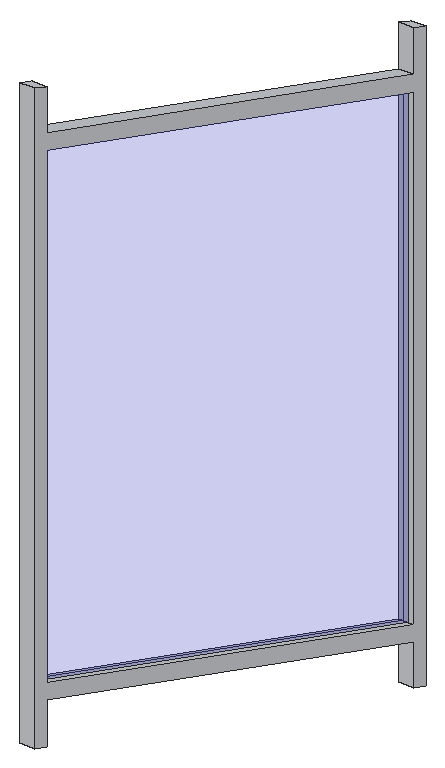
Revit family "6e473b15b15e48c3849ae3e8071eae95", category Balusters, Revit 2021
Family settings
  OmniClass Number = 23.30.80.11.11.11
  OmniClass Title = Infill Panels
  Seek Item ID = Baluster Panel 1-0000-USA-ENU
  Always vertical = Yes
  Cut with Voids When Loaded = No
  Shared = No
Parameters (values of type "24" x 3/4" - Glass")
  built-in parameter 1008623 [instance] = (empty or 0)
  built-in parameter 1008625 [instance] = 18.00°
  Post = no
  Panel Material = Glass
  Width [instance] = 2' - 0"
  Frame Material = none
  built-in parameter 1008624 [instance] = (empty or 0)
  built-in parameter 1008622 [instance] = 2' - 6"
Types (4): name | Panel Material | Width
  (no name) | Glass | 2' - 0"
  24" x 3/4" - Glass | Glass | 2' - 0"
  24" x 3/4" - Chainlink | Chainlink | 2' - 0"
  18" x 3/4" - Glass | Glass | 1' - 6"
Reference planes (in)
  plane 1 "Center (Front/Back)": y = 0
  plane 2: z = 0
  plane 3 "Center (Left/Right)": x = 0
  plane 4 "Top": z = 30
  plane 5 "Slope Angle (Top)": through (0, 8.81678, 27.13525) normal (0, -0.309, -0.9511)
  plane 6 "Slope Angle (Bottom)": through (0, 0, 0) normal (0, -0.309, -0.9511)
  plane 7 "Front": y = 12
  plane 8 "Back": y = -12
  plane 9: z = 42
  plane 10: z = -12
  plane 11: x = -0.75
  plane 12: x = 1
  plane 13: x = -0.375
  plane 14: x = 0.375
  plane 15: x = -0.125
  plane 16: x = 0.125
Forms (in)
  Extrusion 1, solid, material <- "Frame Material"
    sketch origin (0, 0, 0) x (1, 0, 0) y (0, 1, 0)
      loop
        line (-0.375, 12.375) -> (-0.375, 11.625) -> (0.375, 11.625) -> (0.375, 12.375) -> (-0.375, 12.375)
    from -12 to 42
  Extrusion 2, solid, material <- "Frame Material"
    sketch origin (0, 0, 0) x (1, 0, 0) y (0, 1, 0)
      loop
        line (-0.375, -11.625) -> (-0.375, -12.375) -> (0.375, -12.375) -> (0.375, -11.625) -> (-0.375, -11.625)
    from -12 to 42
  Extrusion 3, void
    sketch origin (0, 0, 0) x (0, 1, 0) y (0, 0, 1)
      loop
        line (-13.375, -12) -> (13.375, -12) -> (13.375, -4.3458) -> (-13.375, 4.3458) -> (-13.375, -12)
      loop
        line (13.375, 42) -> (-13.375, 42) -> (-13.375, 34.3458) -> (13.375, 25.6542) -> (13.375, 42)
    from -0.75 to 1
  Extrusion 4, solid, material <- "Frame Material"
    sketch origin (0, 0, 0) x (0, 1, 0) y (0, 0, 1)
      loop
        line (-12, 31.00752) -> (12, 23.20944) -> (12, 23.99804) -> (-12, 31.79611) -> (-12, 31.00752)
    from -0.375 to 0.375
  Extrusion 5, solid, material <- "Frame Material"
    sketch origin (0, 0, 0) x (0, 1, 0) y (0, 0, 1)
      loop
        line (-12, 6.79056) -> (-12, 6.00196) -> (12, -1.79611) -> (12, -1.00752) -> (-12, 6.79056)
    from -0.375 to 0.375
  Extrusion 6, solid, material "Glass" <- "Panel Material"
    sketch origin (0, 0, 0) x (0, 1, 0) y (0, 0, 1)
      loop
        line (11.625, -0.88567) -> (11.625, 23.33129) -> (-11.625, 30.88567) -> (-11.625, 6.66871) -> (11.625, -0.88567)
    from -0.125 to 0.125
Cuts and joins
  Extrusion 3 cuts Extrusion 1
  Extrusion 3 cuts Extrusion 2
  joined: Extrusion 1, Extrusion 2, Extrusion 4, Extrusion 5
Lines and regions (in)
  symbolic lines, style "InvisibleLines"
    curve 1: line (0, -12, 31) -> (0, 12.01418, 23.19732)
    curve 2: line (0, -12, 6.79056) -> (0, 12, -1.00752)
Text (in)
  text "Baluster Panel Elevation" at (0, 50.35978, 48.5925), in view "Left"
Dimensions and locks (in)
  "built-in parameter 1008622": plane 2 to plane 4 "Top"
  "Width": plane 8 "Back" to plane 7 "Front"
  equal spacing: plane 8 "Back", plane 1 "Center (Front/Back)", plane 7 "Front"
  locked: curve 1 to plane 5 "Slope Angle (Top)" at 2.75715  (x2)
  locked: curve 1 to Extrusion 4 sketch curve at 0.75715
  locked: plane 4 "Top" to plane 9 at 12
  locked: level to plane 10 at 12
  locked: plane 6 "Slope Angle (Bottom)" to curve 2 at 2.75  (x2)
  locked: curve 2 to Extrusion 5 sketch curve at 0.75
  equal spacing: plane 13, plane 3 "Center (Left/Right)", plane 14
  locked: plane 13 to plane 14 at 0.75
  locked: plane 15 to plane 16 at 0.25
  equal spacing: plane 15, plane 3 "Center (Left/Right)", plane 16
  "built-in parameter 1008625": angle plane 4 "Top" to plane 5 "Slope Angle (Top)"
  "built-in parameter 1008625": angle level to plane 6 "Slope Angle (Bottom)"
  aligned and locked: Extrusion 1 to plane 9
  aligned and locked: plane 10 to Extrusion 1
  aligned and locked: Extrusion 2 to Extrusion 1
  aligned and locked: Extrusion 1 to Extrusion 2
  aligned and locked: plane 10 to Extrusion 3 sketch curve
  aligned and locked: Extrusion 3 sketch curve to plane 6 "Slope Angle (Bottom)"
  aligned and locked: Extrusion 3 sketch curve to plane 9
  aligned and locked: plane 5 "Slope Angle (Top)" to Extrusion 3 sketch curve
  aligned and locked: Extrusion 3 to plane 11
  aligned and locked: Extrusion 3 to plane 12
  aligned and locked: Extrusion 4 sketch curve to plane 7 "Front"
  aligned and locked: plane 8 "Back" to Extrusion 4 sketch curve
  aligned and locked: plane 7 "Front" to curve 2
  aligned and locked: plane 8 "Back" to curve 2
  aligned and locked: Extrusion 5 sketch curve to curve 2
  aligned and locked: Extrusion 1 sketch curve to plane 13
  aligned and locked: plane 14 to Extrusion 1 sketch curve
  aligned and locked: Extrusion 2 sketch curve to plane 13
  aligned and locked: plane 14 to Extrusion 2 sketch curve
  aligned and locked: plane 13 to Extrusion 4
  aligned and locked: Extrusion 4 to plane 14
  aligned and locked: cut or joined group of Extrusion 1, Extrusion 2, Extrusion 3, Extrusion 4, Extrusion 5 to Extrusion 5  (x2)
  aligned and locked: Extrusion 6 sketch curve to cut or joined group of Extrusion 1, Extrusion 2, Extrusion 3, Extrusion 4, Extrusion 5  (x4)
  aligned and locked: Extrusion 6 to plane 15
  aligned and locked: Extrusion 6 to plane 16
Automatic sketch dimensions
  plane 8 "Back" to Extrusion 3 sketch curve = 0' - 1 3/8"  (x2)
  Extrusion 3 sketch curve to plane 7 "Front" = 0' - 1 3/8"  (x2)
  Extrusion 4 sketch curve to Extrusion 4 sketch curve = 0' - 0.7886"  (x2)
  curve 1 to plane 8 "Back" = 0' - 0"
  curve 1 to plane 7 "Front" = 0' - 0.01418"
  Extrusion 5 sketch curve to plane 8 "Back" = 0' - 0"
  Extrusion 5 sketch curve to plane 7 "Front" = 0' - 0"
  plane 7 "Front" to Extrusion 1 sketch curve = 0' - 0 3/8"
  Extrusion 1 sketch curve to plane 7 "Front" = 0' - 0 3/8"
  plane 8 "Back" to Extrusion 2 sketch curve = 0' - 0 3/8"
  Extrusion 2 sketch curve to plane 8 "Back" = 0' - 0 3/8"
